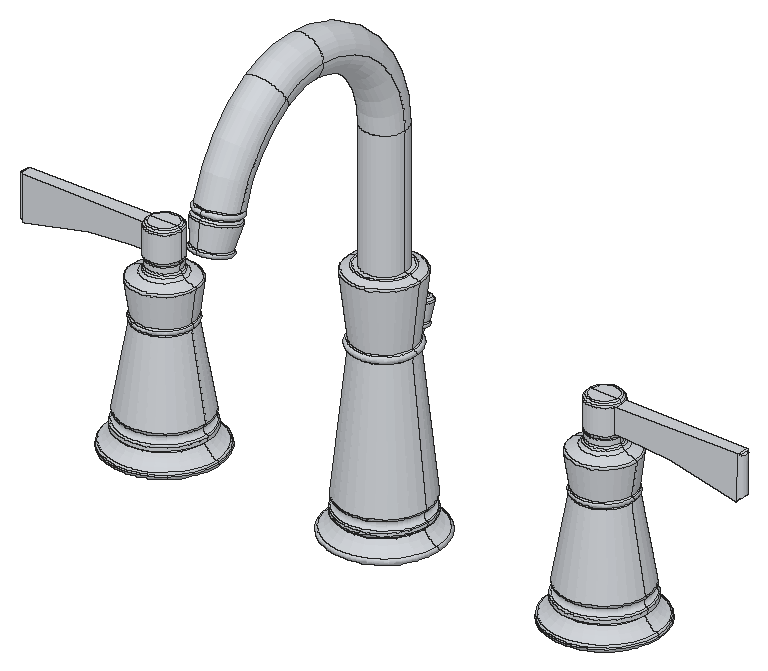
Revit family "Faucet-Lavatory-KOHLER-ARCHER-K-7503X", category Plumbing Fixtures, host Face, Revit 2017 (continued)
Definition of nested family "K-7503X_Handle"
  Lines and regions (in)
    Masking region 3
      outline origin (0, 0, 0) x (0, 1, 0) y (0, 0, 1)
        loop
          line (-0.95436, 0) -> (0, 0)
    symbolic lines, detail levels medium+fine
      curve 1: line (-1.05275, 0.12162, 0) -> (-0.28123, 0.13509, 0)
      curve 2: circle (0, 0, 0) r 0.31248 normal (0, 0, 1)
      curve 3: circle (0, 0, 0) r 0.29528 normal (0, 0, 1)
      curve 4: arc (0.79, 0, 0) -> (0.0634, 0.78745, 0) -> (-0.77982, 0.12639, 0) r 0.79
      curve 5: arc (0.75691, 0, 0) -> (0.06371, 0.75422, 0) -> (-0.74618, 0.12698, 0) r 0.75691
      curve 6: arc (0.57929, 0, 0) -> (0.06549, 0.57557, 0) -> (-0.56448, 0.13015, 0) r 0.57929
      curve 7: arc (0.79, 0, 0) -> (0.0634, -0.78745, 0) -> (-0.77982, -0.12639, 0) r 0.79
      curve 8: arc (0.75691, 0, 0) -> (0.06371, -0.75422, 0) -> (-0.74618, -0.12698, 0) r 0.75691
      curve 9: arc (0.57929, 0, 0) -> (0.06549, -0.57557, 0) -> (-0.56448, -0.13015, 0) r 0.57929
      curve 10: line (-1.05275, -0.12162, 0) -> (-0.28177, -0.13508, 0)
      curve 11: arc (0.5563, 0, 0) -> (0.06574, 0.5524, 0) -> (-0.54076, 0.13056, 0) r 0.5563
      curve 12: arc (0.5563, 0, 0) -> (0.06574, -0.5524, 0) -> (-0.54076, -0.13056, 0) r 0.5563
      curve 13: line (-0.29045, 0.11524, 0) -> (-2.49199, 0.07681, 0)
      curve 14: arc (-2.49199, 0.07681, 0) -> (-2.56747, 0, 0) -> (-2.49199, -0.07681, 0) r 0.07683
      curve 15: line (-2.49199, -0.07681, 0) -> (-0.29045, -0.11524, 0)
      curve 16: line (-2.49199, 0.07681, 0) -> (-2.46802, 0.09692, 0)
      curve 17: line (-2.49199, -0.07681, 0) -> (-2.46802, -0.09692, 0)
      curve 18: line (-0.98363, 0, 0.03614) -> (0.98363, 0, 0.03614)
      curve 19: line (0.97718, 0, 0.06652) -> (-0.97718, 0, 0.06652)
      curve 20: line (-0.95342, 0, 0.0954) -> (0.95342, 0, 0.0954)
      curve 21: line (-0.66407, 0, 0.31102) -> (0.66407, 0, 0.31102)
      curve 22: line (-0.63571, 0, 0.35039) -> (0.63571, 0, 0.35039)
      curve 23: line (-0.79, 0, 0.41345) -> (0.79, 0, 0.41345)
      curve 24: line (0.76745, 0, 0.44365) -> (-0.76745, 0, 0.44365)
      curve 25: line (-0.74314, 0, 0.58588) -> (0.74314, 0, 0.58588)
      curve 26: line (-0.75568, 0, 0.61686) -> (0.75568, 0, 0.61686)
      curve 27: line (-0.50213, 0, 2.05484) -> (0.50213, 0, 2.05484)
      curve 28: line (-0.51412, 0, 2.08544) -> (0.51412, 0, 2.08544)
      curve 29: line (-0.5131, 0, 2.14606) -> (0.5131, 0, 2.14606)
      curve 30: line (-0.50011, 0, 2.17615) -> (0.50011, 0, 2.17615)
      curve 31: line (-0.57913, 0, 2.73839) -> (0.57913, 0, 2.73839)
      curve 32: line (0.56025, 0, 2.77177) -> (-0.56025, 0, 2.77177)
      curve 33: line (-0.37501, 0, 2.8504) -> (0.37501, 0, 2.8504)
      curve 34: line (-0.32171, 0, 2.901) -> (0.32171, 0, 2.901)
      curve 35: line (-0.30342, 0, 2.92792) -> (0.30342, 0, 2.92792)
      curve 36: line (-0.29, 0, 2.96256) -> (0.29, 0, 2.96256)
      curve 37: line (-0.29, 0, 3.06207) -> (0.29, 0, 3.06207)
      curve 38: line (-0.29965, 0, 3.09107) -> (0.29965, 0, 3.09107)
      curve 39: line (-0.31249, 0, 3.12969) -> (0.31249, 0, 3.12969)
      curve 40: line (-0.30573, 0, 3.61636) -> (-0.30573, 0, 3.23839)
      curve 41: line (-0.34426, 0, 3.60039) -> (-0.34426, 0, 3.15981)
      curve 42: line (0.31249, 0, 3.59328) -> (-2.53985, 0, 3.59328)
      curve 43: line (0.30096, 0, 3.62112) -> (-0.30096, 0, 3.62112)
      curve 44: line (-0.27227, 0, 3.64981) -> (0.27227, 0, 3.64981)
      curve 45: arc (-2.57508, 0, 2.90999) -> (-1.90714, 0, 3.08138) -> (-1.22724, 0, 3.19648) r 8.26438
      curve 46: arc (-1.22724, 0, 3.19648) -> (-0.85097, 0, 3.2319) -> (-0.4732, 0, 3.24309) r 5.88339
      curve 47: arc (-0.4732, 0, 3.24309) -> (-0.40872, 0, 3.24229) -> (-0.34426, 0, 3.24023) r 3.28258
      curve 48: arc (-0.30573, 0, 3.23839) -> (-0.30744, 0, 3.18918) -> (-0.31256, 0, 3.1402) r 0.70848
      curve 49: arc (-0.34426, 0, 3.24023) -> (-0.32296, 0, 3.22834) -> (-0.30627, 0, 3.21055) r 0.07935
      curve 50: arc (-2.58661, 0, 2.93783) -> (-1.91485, 0, 3.11039) -> (-1.23101, 0, 3.22623) r 8.29437
      curve 51: arc (-1.231, 0, 3.22617) -> (-0.85281, 0, 3.26176) -> (-0.47312, 0, 3.27301) r 5.91332
      curve 52: arc (-0.47312, 0, 3.27301) -> (-0.38939, 0, 3.27174) -> (-0.30573, 0, 3.26835) r 3.3125
      curve 53: arc (-2.49088, 0, 2.82579) -> (-1.96692, 0, 2.97145) -> (-1.43214, 0, 3.07022) r 6.14616
      curve 54: line (-1.43214, 0, 3.07022) -> (-1.0422, 0, 3.12453)
      curve 55: arc (-1.0422, 0, 3.12453) -> (-0.67637, 0, 3.16193) -> (-0.30879, 0, 3.17258) r 5.04192
      curve 56: line (-2.43475, 0, 3.60039) -> (-2.43475, 0, 2.82071)
      curve 57: line (-2.57269, 0, 3.5708) -> (-0.30573, 0, 3.5708)
      curve 58: line (-2.58661, 0, 3.54076) -> (-0.30573, 0, 3.54076)
      curve 59: line (-0.72817, 0, 0.2939) -> (0.72817, 0, 0.2939)
      curve 60: line (0, 0.98363, 0.03614) -> (0, -0.98363, 0.03614)
      curve 61: line (0, -0.97718, 0.06652) -> (0, 0.97718, 0.06652)
      curve 62: line (0, 0.95342, 0.0954) -> (0, -0.95342, 0.0954)
      curve 63: line (0, 0.72817, 0.2939) -> (0, -0.72817, 0.2939)
      curve 64: line (0, -0.66407, 0.31102) -> (0, 0.66407, 0.31102)
      curve 65: line (0, 0.63571, 0.35039) -> (0, -0.63571, 0.35039)
      curve 66: line (0, 0.79, 0.41345) -> (0, -0.79, 0.41345)
      curve 67: line (0, 0.76745, 0.44365) -> (0, -0.76745, 0.44365)
      curve 68: line (0, 0.74314, 0.58588) -> (0, -0.74314, 0.58588)
      curve 69: line (0, 0.75568, 0.61686) -> (0, -0.75568, 0.61686)
      curve 70: line (0, 0.50213, 2.05484) -> (0, -0.50213, 2.05484)
      curve 71: line (0, 0.51412, 2.08544) -> (0, -0.51412, 2.08544)
      curve 72: line (0, 0.5131, 2.14606) -> (0, -0.5131, 2.14606)
      curve 73: line (0, 0.50011, 2.17615) -> (0, -0.50011, 2.17615)
      curve 74: line (0, 0.56025, 2.77177) -> (0, -0.56025, 2.77177)
      curve 75: line (0, 0.57913, 2.73839) -> (0, -0.57913, 2.73839)
      curve 76: line (0, 0.30096, 3.62112) -> (0, -0.30096, 3.62112)
      curve 77: line (0, 0.27227, 3.64981) -> (0, -0.27227, 3.64981)
      curve 78: line (0, -0.13508, 3.16165) -> (0, -0.13508, 3.60039)
      curve 79: spline (0, -0.11765, 3.08408) -> (0, -0.11626, 3.07324) -> (0, -0.11488, 3.06138) -> (0, -0.11349, 3.0485) -> (0, -0.11211, 3.0346) -> (0, -0.11073, 3.01969) -> (0, -0.10935, 3.00376) -> (0, -0.10798, 2.98682) -> (0, -0.10662, 2.96887) -> (0, -0.10525, 2.94992) -> (0, -0.10389, 2.92996) -> (0, -0.10254, 2.90901) -> (0, -0.10119, 2.88706)
      curve 80: line (0, 0.13508, 3.60039) -> (0, -0.13508, 3.60039)
      curve 81: line (0, -0.13508, 3.59328) -> (0, -0.31249, 3.59328)
      curve 82: line (0, -0.12507, 3.12969) -> (0, -0.31249, 3.12969)
      curve 83: line (0, -0.11862, 3.09107) -> (0, -0.29965, 3.09107)
      curve 84: line (0, -0.11495, 3.06207) -> (0, -0.29, 3.06207)
      curve 85: line (0, -0.10615, 2.96256) -> (0, -0.29, 2.96256)
      curve 86: line (0, -0.10204, 2.901) -> (0, -0.32171, 2.901)
      curve 87: line (0, -0.10376, 2.92792) -> (0, -0.30342, 2.92792)
      curve 88: line (0, -0.09722, 2.8504) -> (0, -0.37501, 2.8504)
      curve 89: spline (0, -0.13508, 3.16165) -> (0, -0.13362, 3.1591) -> (0, -0.13217, 3.15584) -> (0, -0.13071, 3.15186) -> (0, -0.12926, 3.14717) -> (0, -0.1278, 3.14177) -> (0, -0.12635, 3.13566) -> (0, -0.1249, 3.12884) -> (0, -0.12345, 3.12131) -> (0, -0.122, 3.11306) -> (0, -0.12055, 3.10411) -> (0, -0.1191, 3.09445) -> (0, -0.11765, 3.08408)
      curve 90: line (0, -0.07681, 2.81627) -> (0, 0, 2.81627)
      curve 91: line (0, -0.09722, 2.83668) -> (0, -0.09722, 3.60039)
      curve 92: arc (0, -0.09722, 2.83668) -> (0, -0.09125, 2.82225) -> (0, -0.07681, 2.81627) r 0.02041
      curve 93: arc (0, -0.10119, 2.88706) -> (0, -0.09944, 2.86185) -> (0, -0.09722, 2.83668) r 1.35749
      curve 94: line (0, -0.11035, 3.15765) -> (0, -0.11035, 3.60039)
      curve 95: line (0, -0.09722, 2.83668) -> (0, 0, 2.83668)
      curve 96: line (0, 0.13508, 3.16165) -> (0, 0.13508, 3.60039)
      curve 97: spline (0, 0.11765, 3.08408) -> (0, 0.11626, 3.07324) -> (0, 0.11488, 3.06138) -> (0, 0.11349, 3.0485) -> (0, 0.11211, 3.0346) -> (0, 0.11073, 3.01969) -> (0, 0.10935, 3.00376) -> (0, 0.10798, 2.98682) -> (0, 0.10662, 2.96887) -> (0, 0.10525, 2.94992) -> (0, 0.10389, 2.92996) -> (0, 0.10254, 2.90901) -> (0, 0.10119, 2.88706)
      curve 98: line (0, 0.13508, 3.59328) -> (0, 0.31249, 3.59328)
      curve 99: line (0, 0.12507, 3.12969) -> (0, 0.31249, 3.12969)
      curve 100: line (0, 0.11862, 3.09107) -> (0, 0.29965, 3.09107)
      curve 101: line (0, 0.11495, 3.06207) -> (0, 0.29, 3.06207)
      curve 102: line (0, 0.10615, 2.96256) -> (0, 0.29, 2.96256)
      curve 103: line (0, 0.10204, 2.901) -> (0, 0.32171, 2.901)
      curve 104: line (0, 0.10376, 2.92792) -> (0, 0.30342, 2.92792)
      curve 105: line (0, 0.09722, 2.8504) -> (0, 0.37501, 2.8504)
      curve 106: spline (0, 0.13508, 3.16165) -> (0, 0.13362, 3.1591) -> (0, 0.13217, 3.15584) -> (0, 0.13071, 3.15186) -> (0, 0.12926, 3.14717) -> (0, 0.1278, 3.14177) -> (0, 0.12635, 3.13566) -> (0, 0.1249, 3.12884) -> (0, 0.12345, 3.12131) -> (0, 0.122, 3.11306) -> (0, 0.12055, 3.10411) -> (0, 0.1191, 3.09445) -> (0, 0.11765, 3.08408)
      curve 107: line (0, 0.07681, 2.81627) -> (0, 0, 2.81627)
      curve 108: line (0, 0.09722, 2.83668) -> (0, 0.09722, 3.60039)
      curve 109: arc (0, 0.09722, 2.83668) -> (0, 0.09125, 2.82225) -> (0, 0.07681, 2.81627) r 0.02041
      curve 110: arc (0, 0.10119, 2.88706) -> (0, 0.09944, 2.86185) -> (0, 0.09722, 2.83668) r 1.35749
      curve 111: line (0, 0.1111, 3.158) -> (0, 0.1111, 3.60039)
      curve 112: line (0, 0.09722, 2.83668) -> (0, 0, 2.83668)
      curve 113: arc (0, 0.13508, 3.16165) -> (0, 0.11289, 3.15981) -> (0, 0.09722, 3.144) r 0.03214
      curve 114: arc (0, -0.13508, 3.16165) -> (0, -0.11289, 3.15981) -> (0, -0.09722, 3.144) r 0.03214
  Dimensions and locks (in)
    plane 3 "Center (Left/Right)" to plane 4 = 2.58661"
    plane 5 to level = 3.66142"
    plane 6 to plane 7 = 1.9685"
    plane 8 to plane 9 = 1.9685"
    aligned and locked: plane 2 to level
